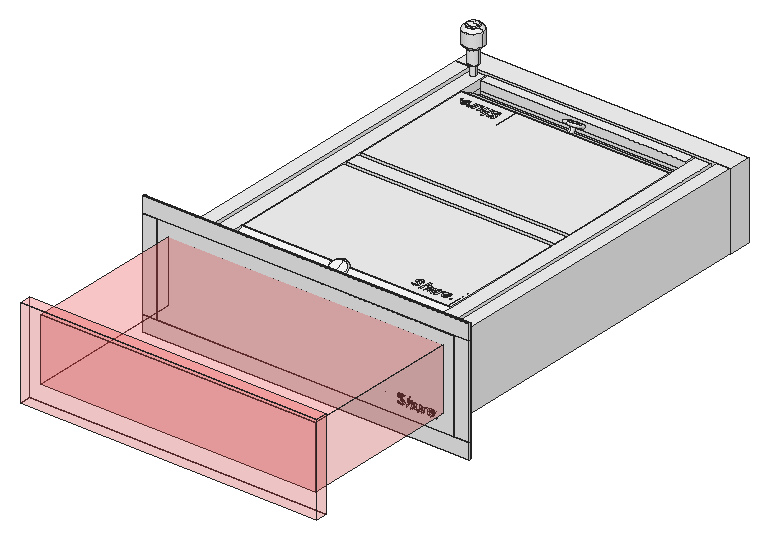
Revit family "Security_ShureSAFE-SPT160", category Generic Models, Revit 2026
Family settings
  Can host rebar = No
  Round Connector Dimension = Use Diameter
  Part Type = Normal
  Work Plane-Based = No
  Always vertical = Yes
  Cut with Voids When Loaded = No
  Maintain Annotation Orientation = No
  Shared = No
  Room Calculation Point = No
Parameters
  URL = "https://www.shuresafe.com/product-category/secure-transaction-drawers/"
  Type Comments = ""
  Specifications = "https://www.arcat.com/company/shure-mfg--corp-35487/spec"
  ProductData = "https://www.arcat.com/arcatcos/cos35/arc35487.html"
  Model = "SPT160"
  Manufacturer = "ShureSAFE"
  Keynote = ""
  Description = ""
  Default Elevation = 0' - 0"
  Cost = 0
  Clearence [instance] = yes
  CADDetails = "https://www.arcat.com/company/shure-mfg--corp-35487/cad"
  Assembly Code = "119713"
Reference planes (in)
  plane 1 "Center (Front/Back)": y = 0
  plane 2: z = 0
  plane 3 "Center (Left/Right)": x = 0
  plane 4: z = 0
  plane 5: x = -9
  plane 6: x = 12.25
  plane 7: z = 0
  plane 8: z = 6.125
  plane 9: y = 7.3758
  plane 10: z = 0.9375
  plane 11: x = 9
Forms (in)
  Extrusion 1, solid, material "ShureSAFE"
    sketch origin (0.01682, 19.6258, 0) x (0, -1, 0) y (1, 0, 0)
      loop
        line (11.37348, -9.01682) -> (11.37348, -8.08521) -> (-11.27497, -8.08521) -> (-11.27497, -9.01682) -> (11.37348, -9.01682)
      loop
        line (-12.75, -9.01682) -> (-11.3089, -9.01682) -> (-11.3089, 8.98318) -> (-12.75, 8.98318) -> (-12.75, -9.01682)
      loop
        line (11.37281, 8.0802) -> (11.37281, 8.98318) -> (-11.27497, 8.98318) -> (-11.27497, 8.0802) -> (11.37281, 8.0802)
    from 0 to 5
  Extrusion 2, solid, material "ShureSAFE"
    sketch origin (0.01682, 19.6258, 0) x (0, -1, 0) y (1, 0, 0)
      loop
        line (-12.5, -8.7704) -> (11.45113, -8.7704) -> (11.45113, 8.7704) -> (-12.5, 8.7704) -> (-12.5, -8.7704)
    from 0 to 0.25
  Extrusion 3, solid, not visible
    sketch origin (-1.52417, -6.7296, 0) x (0.707107, -0.707107, 0) y (0, 0, 1)
      loop
        circle (1, 21.8954) r 0.25
    from 0 to 5.8425
  Extrusion 4, solid, not visible
    sketch origin (-1.52417, -6.7296, 0) x (0.707107, -0.707107, 0) y (0, 0, 1)
      loop
        circle (1, 21.8954) r 0.5
    from 5.8125 to 6.125
  Extrusion 5, solid, material "ShureSAFE"
    sketch origin (0.01682, 19.6258, 4.75) x (0, -1, 0) y (1, 0, 0)
      loop
        line (11.37281, -6.7381) -> (11.37281, 6.73308) -> (10.45043, 6.73308) -> (10.45043, -6.7381) -> (11.37281, -6.7381)
      loop
        line (11.37281, 6.8584) -> (11.37281, 7.82957) -> (-11.0896, 7.82957) -> (-11.0896, 6.8584) -> (11.37281, 6.8584)
      loop
        line (11.37281, -7.83459) -> (11.37281, -6.86341) -> (-11.0896, -6.86341) -> (-11.0896, -7.83459) -> (11.37281, -7.83459)
      loop
        line (-0.54957, -6.84626) -> (0.45043, -6.84626) -> (0.45043, 6.84124) -> (-0.54957, 6.84124) -> (-0.54957, -6.84626)
      loop
        line (-11.0896, -6.7381) -> (-10.46433, -6.7381) -> (-10.46433, 6.73308) -> (-11.0896, 6.73308) -> (-11.0896, -6.7381)
    from -0.3125 to 0.25
  Extrusion 6, solid, material "ShureSAFE"
    sketch origin (0.01682, 19.6258, 4.1875) x (0, -1, 0) y (1, 0, 0)
      loop
        line (-11.3089, -8.08521) -> (11.45113, -8.08521) -> (11.45113, 8.0802) -> (-11.3089, 8.0802) -> (-11.3089, -8.08521)
      loop
        line (-10.54957, -6.84626) -> (-0.76832, -6.84626) -> (-0.76832, 6.8584) -> (-10.54957, 6.8584) -> (-10.54957, -6.84626)
      loop
        line (10.45043, -6.84626) -> (10.45043, 6.8584) -> (0.66918, 6.8584) -> (0.66918, -6.84626) -> (10.45043, -6.84626)
    from 0 to 0.25
  Extrusion 7, solid, material "ShureSAFE"
    sketch origin (0, 0, 0) x (1, 0, 0) y (0, 0, 1)
      loop
        line (-10.6875, -1.15625) -> (10.6875, -1.15625) -> (10.6875, -0.15625) -> (-10.6875, -0.15625) -> (-10.6875, -1.15625)
      loop
        line (-10.6875, 5.84375) -> (10.6875, 5.84375) -> (10.6875, 6.84375) -> (-10.6875, 6.84375) -> (-10.6875, 5.84375)
      loop
        line (-9.75, -0.11719) -> (-9.75, 5.80469) -> (-10.6875, 5.80469) -> (-10.6875, -0.11719) -> (-9.75, -0.11719)
      loop
        line (9.75, -0.11719) -> (10.6875, -0.11719) -> (10.6875, 5.80469) -> (9.75, 5.80469) -> (9.75, -0.11719)
    from -7.43575 to -7.3758
  Extrusion 8, solid, material "ShureSAFE"
    sketch origin (0, 0, 0) x (1, 0, 0) y (0, 0, 1)
      loop
        line (-9.7143, -0.1217) -> (9.71644, -0.1217) -> (9.71644, 5.80993) -> (-9.7143, 5.80993) -> (-9.7143, -0.1217)
      loop
        arc (6.00222, 0.70903) -> (6.02811, 0.64542) -> (6.06911, 0.59033) r 0.27192
        arc (6.06911, 0.59033) -> (6.19422, 0.51503) -> (6.34022, 0.51259) r 0.2813
        arc (6.34022, 0.51259) -> (6.45247, 0.56266) -> (6.53478, 0.65395) r 0.2965
        arc (6.53478, 0.65395) -> (6.53873, 0.73853) -> (6.48859, 0.80677) r 0.1269
        line (6.48859, 0.80677) -> (6.22405, 1.02447)
        arc (6.22405, 1.02447) -> (6.22127, 1.05825) -> (6.2496, 1.07685) r 0.03318
        arc (6.2496, 1.07685) -> (6.31133, 1.08327) -> (6.37206, 1.07043) r 0.19989
        arc (6.37206, 1.07043) -> (6.39373, 1.05041) -> (6.40024, 1.02163) r 0.04973
        line (6.40024, 1.02163) -> (6.57751, 1.02163)
        arc (6.57751, 1.02163) -> (6.55782, 1.07424) -> (6.52683, 1.12109) r 0.24898
        arc (6.52683, 1.12109) -> (6.30101, 1.2265) -> (6.07519, 1.12109) r 0.29459
        arc (6.07519, 1.12109) -> (6.03574, 1.03324) -> (6.06996, 0.94321) r 0.12583
        line (6.06996, 0.94321) -> (6.34782, 0.71456)
        arc (6.34782, 0.71456) -> (6.36058, 0.68695) -> (6.34782, 0.65933) r 0.03626
        arc (6.34782, 0.65933) -> (6.27743, 0.64775) -> (6.20704, 0.65933) r 0.21971
        arc (6.20704, 0.65933) -> (6.18531, 0.67992) -> (6.17835, 0.70903) r 0.05255
        line (6.17835, 0.70903) -> (6.00222, 0.70903)
      loop
        line (6.71636, 1.22835) -> (6.58849, 0.50317) -> (6.73309, 0.50317) -> (6.78761, 0.81233)
        arc (6.78761, 0.81233) -> (6.89113, 0.87884) -> (6.96037, 0.77712) r 0.08819
        line (6.96037, 0.77712) -> (6.91222, 0.50317) -> (7.05526, 0.50317) -> (7.11416, 0.83722)
        arc (7.11416, 0.83722) -> (7.01151, 1.00816) -> (6.81519, 0.97332) r 0.17584
        line (6.81519, 0.97332) -> (6.86015, 1.22835) -> (6.71636, 1.22835)
      loop
        circle (8.60587, 0.58636) r 0.05083
      loop
        line (7.31633, 0.97219) -> (7.17329, 0.97219) -> (7.12499, 0.69827)
        arc (7.12499, 0.69827) -> (7.22343, 0.52823) -> (7.41977, 0.53563) r 0.19049
        line (7.41977, 0.53563) -> (7.41404, 0.50317) -> (7.55708, 0.50317) -> (7.63978, 0.97219) -> (7.49674, 0.97219) -> (7.44611, 0.68505)
        arc (7.44611, 0.68505) -> (7.34488, 0.62251) -> (7.27114, 0.71591) r 0.08943
        line (7.27114, 0.71591) -> (7.31633, 0.97219)
      loop
        line (7.85658, 0.97219) -> (7.70182, 0.97219) -> (7.61912, 0.50317) -> (7.77388, 0.50317) -> (7.82494, 0.79274)
        arc (7.82494, 0.79274) -> (7.87955, 0.85598) -> (7.96301, 0.85187) r 0.09531
        line (7.96301, 0.85187) -> (7.98859, 0.97219)
        arc (7.98859, 0.97219) -> (7.91628, 0.96659) -> (7.85029, 0.9365) r 0.20798
        line (7.85029, 0.9365) -> (7.85658, 0.97219)
      loop
        line (8.16025, 0.79993) -> (8.34905, 0.79993)
        arc (8.34905, 0.79993) -> (8.32207, 0.8584) -> (8.2611, 0.87911) r 0.08161
        arc (8.2611, 0.87911) -> (8.1987, 0.85478) -> (8.16025, 0.79993) r 0.11565
      loop
        arc (8.32512, 0.6909) -> (8.26738, 0.6473) -> (8.19503, 0.64863) r 0.11082
        arc (8.19503, 0.64863) -> (8.15335, 0.68368) -> (8.14384, 0.73729) r 0.07982
        line (8.14384, 0.73729) -> (8.519, 0.73729)
        arc (8.519, 0.73729) -> (8.25256, 1.00373) -> (7.98612, 0.73729) r 0.26644
        arc (7.98612, 0.73729) -> (8.04946, 0.57843) -> (8.20473, 0.50672) r 0.2309
        arc (8.20473, 0.50672) -> (8.38416, 0.55526) -> (8.51126, 0.6909) r 0.34001
        line (8.51126, 0.6909) -> (8.32512, 0.6909)
    from -8.17468 to -7.3758
  Extrusion 9, solid, material "ShureSAFE"
    sketch origin (0, 0.05995, 0) x (1, 0, 0) y (0, 0, 1)
      loop
        line (-10.6875, -1.15625) -> (10.6875, -1.15625) -> (10.6875, -0.11719) -> (10.6875, 5.84375) -> (10.6875, 6.84375) -> (-10.6875, 6.84375) -> (-10.6875, 5.80469) -> (-10.6875, -0.15625) -> (-10.6875, -1.15625)
      loop
        line (9.75, -0.15625) -> (9.75, 5.84375) -> (-9.75, 5.84375) -> (-9.75, -0.15625) -> (9.75, -0.15625)
    from -7.43575 to -7.3758
  Extrusion 10, solid, material "Projection", visible <- "Clearence"
    sketch origin (0, -11.25, 0) x (1, 0, 0) y (0, 0, 1)
      loop
        line (-9.7143, -0.1217) -> (9.71644, -0.1217) -> (9.71644, 5.80993) -> (-9.7143, 5.80993) -> (-9.7143, -0.1217)
    from -8.17468 to -7.3758
  Revolve 11, solid, material "ShureSAFE"
    sketch origin (0, 30.25, -0.60711) x (1, 0, 0) y (0, 0, 1)
      loop
        line (-7.31611, 8.76515) -> (-7.31611, 5.71146) -> (-7.12754, 5.71146) -> (-7.12754, 6.31999) -> (-7.08405, 6.31999) -> (-6.9903, 6.41374) -> (-6.9903, 7.28141) -> (-7.07118, 7.28141)
        arc (-7.07118, 7.28141) -> (-6.84921, 7.39673) -> (-6.6778, 7.5789) r 0.74651
        line (-6.6778, 7.5789) -> (-6.6778, 8.4113)
        arc (-6.6778, 8.4113) -> (-6.7633, 8.51956) -> (-6.86928, 8.60788) r 0.66556
        line (-6.86928, 8.60788) -> (-6.93742, 8.60788) -> (-6.93742, 8.66046)
        arc (-6.93742, 8.66046) -> (-6.95289, 8.69255) -> (-6.98154, 8.71372) r 0.07417
        arc (-6.98154, 8.71372) -> (-7.14686, 8.75222) -> (-7.31611, 8.76515) r 1.11403
      axis (-7.31611, 8.76515) -> (-7.31611, 5.71146)
    angle from 0 to 360
  Extrusion 12, solid, material "Projection", visible <- "Clearence"
    sketch origin (0, 0, 0) x (1, 0, 0) y (0, 0, 1)
      loop
        line (-9.00825, 5) -> (-9.00825, 0.94215) -> (9.03687, 0.94215) -> (9.03687, 5) -> (-9.00825, 5)
    from -7.3758 to 3.07532
  Extrusion 13, solid, material "ShureSAFE"
    sketch origin (-2.85838, 10.33919, 12.61218) x (1, 0, 0) y (0, 1, 0)
      loop
        line (-3.97106, 0.36744) -> (9.71644, 0.36744) -> (9.71644, 8.61744) -> (-3.97106, 8.61744) -> (-3.97106, 0.36744)
      loop
        arc (6.54653, 1.13429) -> (6.57242, 1.07068) -> (6.61342, 1.01559) r 0.27192
        arc (6.61342, 1.01559) -> (6.73853, 0.94029) -> (6.88453, 0.93785) r 0.2813
        arc (6.88453, 0.93785) -> (6.99678, 0.98792) -> (7.07909, 1.07921) r 0.2965
        arc (7.07909, 1.07921) -> (7.08304, 1.16379) -> (7.0329, 1.23203) r 0.1269
        line (7.0329, 1.23203) -> (6.76836, 1.44973)
        arc (6.76836, 1.44973) -> (6.76558, 1.48351) -> (6.79391, 1.50211) r 0.03318
        arc (6.79391, 1.50211) -> (6.85564, 1.50853) -> (6.91637, 1.4957) r 0.19989
        arc (6.91637, 1.4957) -> (6.93804, 1.47567) -> (6.94455, 1.44689) r 0.04973
        line (6.94455, 1.44689) -> (7.12182, 1.44689)
        arc (7.12182, 1.44689) -> (7.10213, 1.4995) -> (7.07114, 1.54635) r 0.24898
        arc (7.07114, 1.54635) -> (6.84532, 1.65176) -> (6.6195, 1.54635) r 0.29459
        arc (6.6195, 1.54635) -> (6.58005, 1.4585) -> (6.61427, 1.36848) r 0.12583
        line (6.61427, 1.36848) -> (6.89213, 1.13982)
        arc (6.89213, 1.13982) -> (6.90489, 1.11221) -> (6.89213, 1.0846) r 0.03626
        arc (6.89213, 1.0846) -> (6.82174, 1.07302) -> (6.75135, 1.0846) r 0.21971
        arc (6.75135, 1.0846) -> (6.72962, 1.10518) -> (6.72266, 1.13429) r 0.05255
        line (6.72266, 1.13429) -> (6.54653, 1.13429)
      loop
        line (7.26067, 1.65361) -> (7.1328, 0.92844) -> (7.2774, 0.92844) -> (7.33192, 1.23759)
        arc (7.33192, 1.23759) -> (7.43544, 1.3041) -> (7.50468, 1.20238) r 0.08819
        line (7.50468, 1.20238) -> (7.45653, 0.92844) -> (7.59957, 0.92844) -> (7.65847, 1.26248)
        arc (7.65847, 1.26248) -> (7.55582, 1.43342) -> (7.3595, 1.39858) r 0.17584
        line (7.3595, 1.39858) -> (7.40446, 1.65361) -> (7.26067, 1.65361)
      loop
        circle (9.15018, 1.01162) r 0.05083
      loop
        line (7.86064, 1.39745) -> (7.7176, 1.39745) -> (7.6693, 1.12353)
        arc (7.6693, 1.12353) -> (7.76774, 0.95349) -> (7.96408, 0.96089) r 0.19049
        line (7.96408, 0.96089) -> (7.95835, 0.92844) -> (8.10139, 0.92844) -> (8.18409, 1.39745) -> (8.04105, 1.39745) -> (7.99042, 1.11031)
        arc (7.99042, 1.11031) -> (7.88919, 1.04777) -> (7.81545, 1.14117) r 0.08943
        line (7.81545, 1.14117) -> (7.86064, 1.39745)
      loop
        line (8.40089, 1.39745) -> (8.24613, 1.39745) -> (8.16343, 0.92844) -> (8.31819, 0.92844) -> (8.36925, 1.218)
        arc (8.36925, 1.218) -> (8.42386, 1.28124) -> (8.50732, 1.27713) r 0.09531
        line (8.50732, 1.27713) -> (8.5329, 1.39745)
        arc (8.5329, 1.39745) -> (8.46059, 1.39185) -> (8.3946, 1.36176) r 0.20798
        line (8.3946, 1.36176) -> (8.40089, 1.39745)
      loop
        line (8.70456, 1.22519) -> (8.89336, 1.22519)
        arc (8.89336, 1.22519) -> (8.86638, 1.28366) -> (8.80541, 1.30437) r 0.08161
        arc (8.80541, 1.30437) -> (8.74301, 1.28004) -> (8.70456, 1.22519) r 0.11565
      loop
        arc (8.86943, 1.11616) -> (8.81169, 1.07256) -> (8.73934, 1.07389) r 0.11082
        arc (8.73934, 1.07389) -> (8.69766, 1.10894) -> (8.68815, 1.16256) r 0.07982
        line (8.68815, 1.16256) -> (9.06331, 1.16256)
        arc (9.06331, 1.16256) -> (8.79687, 1.429) -> (8.53043, 1.16256) r 0.26644
        arc (8.53043, 1.16256) -> (8.59377, 1.00369) -> (8.74904, 0.93198) r 0.2309
        arc (8.74904, 0.93198) -> (8.92847, 0.98052) -> (9.05557, 1.11616) r 0.34001
        line (9.05557, 1.11616) -> (8.86943, 1.11616)
    from -8.17468 to -7.61218
  Extrusion 14, solid, material "ShureSAFE"
    sketch origin (0, 0, 0) x (0, 1, 0) y (0, 0, 1)
      loop
        line (10.70663, 4.4375) -> (10.70663, 5) -> (9.80038, 4.51814) -> (9.80038, 4.4375) -> (10.70663, 4.4375)
    from -6.82944 to 6.85806
  Revolve 15, solid, material "ShureSAFE"
    sketch origin (0, 0, 0) x (0, 1, 0) y (0, 0, 1)
      loop
        line (10.38457, 4.82876) -> (10.19206, 5.19081) -> (10.53006, 5.37053)
        arc (10.53006, 5.37053) -> (10.55702, 5.4587) -> (10.46885, 5.48566) r 0.0652
        line (10.46885, 5.48566) -> (9.99978, 5.23626) -> (10.2535, 4.75907) -> (10.38457, 4.82876)
      axis (10.2535, 4.75907) -> (9.99978, 5.23626)
    angle from 0 to 360
  Extrusion 16, solid, material "ShureSAFE"
    sketch origin (0, 39.35076, 0) x (0, -1, 0) y (0, 0, -1)
      loop
        line (10.70663, -4.4375) -> (9.80038, -4.4375) -> (9.80038, -4.51814) -> (10.70663, -5) -> (10.70663, -4.4375)
    from -6.82944 to 6.85806
  Revolve 17, solid, material "ShureSAFE"
    sketch origin (0, 39.35076, 0) x (0, -1, 0) y (0, 0, 1)
      loop
        line (10.38457, 4.82876) -> (10.19206, 5.19081) -> (10.53006, 5.37053)
        arc (10.53006, 5.37053) -> (10.55702, 5.4587) -> (10.46885, 5.48566) r 0.0652
        line (10.46885, 5.48566) -> (9.99978, 5.23626) -> (10.2535, 4.75907) -> (10.38457, 4.82876)
      axis (10.2535, 4.75907) -> (9.99978, 5.23626)
    angle from 0 to 360
  Extrusion 18, solid, material "ShureSAFE"
    sketch origin (2.887, 29.01157, 12.61218) x (-1, 0, 0) y (0, -1, 0)
      loop
        line (-3.97106, 0.36744) -> (9.71644, 0.36744) -> (9.71644, 8.61744) -> (-3.97106, 8.61744) -> (-3.97106, 0.36744)
      loop
        arc (6.54653, 1.13429) -> (6.57242, 1.07068) -> (6.61342, 1.01559) r 0.27192
        arc (6.61342, 1.01559) -> (6.73853, 0.94029) -> (6.88453, 0.93785) r 0.2813
        arc (6.88453, 0.93785) -> (6.99678, 0.98792) -> (7.07909, 1.07921) r 0.2965
        arc (7.07909, 1.07921) -> (7.08304, 1.16379) -> (7.0329, 1.23203) r 0.1269
        line (7.0329, 1.23203) -> (6.76836, 1.44973)
        arc (6.76836, 1.44973) -> (6.76558, 1.48351) -> (6.79391, 1.50211) r 0.03318
        arc (6.79391, 1.50211) -> (6.85564, 1.50853) -> (6.91637, 1.4957) r 0.19989
        arc (6.91637, 1.4957) -> (6.93804, 1.47567) -> (6.94455, 1.44689) r 0.04973
        line (6.94455, 1.44689) -> (7.12182, 1.44689)
        arc (7.12182, 1.44689) -> (7.10213, 1.4995) -> (7.07114, 1.54635) r 0.24898
        arc (7.07114, 1.54635) -> (6.84532, 1.65176) -> (6.6195, 1.54635) r 0.29459
        arc (6.6195, 1.54635) -> (6.58005, 1.4585) -> (6.61427, 1.36848) r 0.12583
        line (6.61427, 1.36848) -> (6.89213, 1.13982)
        arc (6.89213, 1.13982) -> (6.90489, 1.11221) -> (6.89213, 1.0846) r 0.03626
        arc (6.89213, 1.0846) -> (6.82174, 1.07302) -> (6.75135, 1.0846) r 0.21971
        arc (6.75135, 1.0846) -> (6.72962, 1.10518) -> (6.72266, 1.13429) r 0.05255
        line (6.72266, 1.13429) -> (6.54653, 1.13429)
      loop
        line (7.26067, 1.65361) -> (7.1328, 0.92844) -> (7.2774, 0.92844) -> (7.33192, 1.23759)
        arc (7.33192, 1.23759) -> (7.43544, 1.3041) -> (7.50468, 1.20238) r 0.08819
        line (7.50468, 1.20238) -> (7.45653, 0.92844) -> (7.59957, 0.92844) -> (7.65847, 1.26248)
        arc (7.65847, 1.26248) -> (7.55582, 1.43342) -> (7.3595, 1.39858) r 0.17584
        line (7.3595, 1.39858) -> (7.40446, 1.65361) -> (7.26067, 1.65361)
      loop
        circle (9.15018, 1.01162) r 0.05083
      loop
        line (7.86064, 1.39745) -> (7.7176, 1.39745) -> (7.6693, 1.12353)
        arc (7.6693, 1.12353) -> (7.76774, 0.95349) -> (7.96408, 0.96089) r 0.19049
        line (7.96408, 0.96089) -> (7.95835, 0.92844) -> (8.10139, 0.92844) -> (8.18409, 1.39745) -> (8.04105, 1.39745) -> (7.99042, 1.11031)
        arc (7.99042, 1.11031) -> (7.88919, 1.04777) -> (7.81545, 1.14117) r 0.08943
        line (7.81545, 1.14117) -> (7.86064, 1.39745)
      loop
        line (8.40089, 1.39745) -> (8.24613, 1.39745) -> (8.16343, 0.92844) -> (8.31819, 0.92844) -> (8.36925, 1.218)
        arc (8.36925, 1.218) -> (8.42386, 1.28124) -> (8.50732, 1.27713) r 0.09531
        line (8.50732, 1.27713) -> (8.5329, 1.39745)
        arc (8.5329, 1.39745) -> (8.46059, 1.39185) -> (8.3946, 1.36176) r 0.20798
        line (8.3946, 1.36176) -> (8.40089, 1.39745)
      loop
        line (8.70456, 1.22519) -> (8.89336, 1.22519)
        arc (8.89336, 1.22519) -> (8.86638, 1.28366) -> (8.80541, 1.30437) r 0.08161
        arc (8.80541, 1.30437) -> (8.74301, 1.28004) -> (8.70456, 1.22519) r 0.11565
      loop
        arc (8.86943, 1.11616) -> (8.81169, 1.07256) -> (8.73934, 1.07389) r 0.11082
        arc (8.73934, 1.07389) -> (8.69766, 1.10894) -> (8.68815, 1.16256) r 0.07982
        line (8.68815, 1.16256) -> (9.06331, 1.16256)
        arc (9.06331, 1.16256) -> (8.79687, 1.429) -> (8.53043, 1.16256) r 0.26644
        arc (8.53043, 1.16256) -> (8.59377, 1.00369) -> (8.74904, 0.93198) r 0.2309
        arc (8.74904, 0.93198) -> (8.92847, 0.98052) -> (9.05557, 1.11616) r 0.34001
        line (9.05557, 1.11616) -> (8.86943, 1.11616)
    from -8.17468 to -7.61218
  Extrusion 19, solid, material "ShureSAFE"
    sketch origin (0, 0.05995, 0) x (1, 0, 0) y (0, 0, 1)
      loop
        line (8.78547, 0.21859) -> (8.78547, 1.3783) -> (5.66185, 1.3783) -> (5.66185, 0.21859) -> (8.78547, 0.21859)
    from -7.43575 to -7.3758
  Extrusion 20, solid, material "ShureSAFE"
    sketch origin (0.01682, 19.6258, 4.69141) x (0, -1, 0) y (1, 0, 0)
      loop
        line (7.10461, 3.09168) -> (8.85461, 3.09168) -> (8.85461, 6.59168) -> (7.10461, 6.59168) -> (7.10461, 3.09168)
      loop
        line (-8.94499, -6.75677) -> (-7.19499, -6.75677) -> (-7.19499, -3.25677) -> (-8.94499, -3.25677) -> (-8.94499, -6.75677)
    from 0.15639 to 0.25
Dimensions and locks (in)
  Extrusion 9 to Extrusion 9 = 1' - 9 3/8"
  Extrusion 9 to Extrusion 9 = 0' - 8"
  Extrusion 7 to Extrusion 1 = 2' - 1"
  Extrusion 1 to Extrusion 1 = 1' - 6"
  Extrusion 1 to Extrusion 1 = 0' - 5"
  Extrusion 1 to Extrusion 7 = 2' - 1"
  plane 9 to Extrusion 10 = 0' - 11 1/4"
  aligned and locked: plane 2 to level
